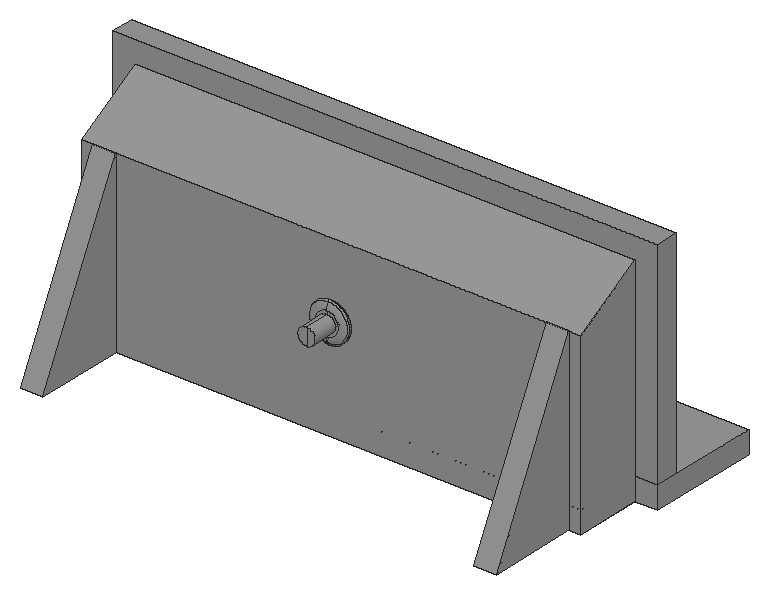
Revit family "Multi_Station_Sink-Willougby-CWMES-4820", category Plumbing Fixtures, Revit 2015
Parameters (values of type "4820")
  Width = 4' - 0"
  Waste DIA = 1 1/2"
  Waste Connection = yes
  Vent Connection = no
  URL = "https://www.willoughby-ind.com/wp-content/uploads/2018/01/CWMES.pdf"
  Type Comments = ""
  Revision = "A"
  Model = "CWMES-4820"
  Manufacturer = "Willoughby Industries"
  HW Connection = no
  Fixture Body = Stainless Steel AISI 304-Willoughby(1)
  Description = "Multi-Station Hand Sink, 48\" Wide, 2 Station"
  Default Elevation = 0' - 0"
  Contact = "800-428-4065"
  CW Connection = no
  48" x 20" = yes
Reference planes (in)
  plane 1 "Center (Front/Back)": y = 0
  plane 2: z = 0
  plane 3 "Center (Left/Right)": x = 0
  plane 4 "Left Side": x = -24
  plane 5 "Right Side": x = 24
  plane 6 "Top Of Sink": y = 34
  plane 7 "Top Of Unit": y = 42
  plane 8 "Bottom Of Sink": y = 26
  plane 9 "Mounting Brkt": y = 18
  plane 10: z = 9.125
Forms (in)
  Extrusion 1, solid, material "Stainless Steel AISI 304-Willoughby(1)" <- "Fixture Body"
    sketch origin (0, 0, 0) x (1, 0, 0) y (0, 1, 0)
      loop
        line (-24, 42) -> (-24, 32) -> (-22, 32) -> (-22, 26) -> (22, 26) -> (22, 32) -> (24, 32) -> (24, 42) -> (-24, 42)
    from 0 to 2
  Extrusion 2, solid, material "Stainless Steel AISI 304-Willoughby(1)" <- "Fixture Body"
    sketch origin (0, 0, 0) x (0, 1, 0) y (0, 0, 1)
      loop
        line (34, 0) -> (34, 20.21818) -> (26, 15.75) -> (26, 0) -> (34, 0)
    from -22 to 22
  Sweep 3, solid, material "Stainless Steel AISI 304-Willoughby(1)" <- "Fixture Body"
    path origin (0, 0, 0) x (1, 0, 0) y (0, 0, 1)
      loop
        line (-22, 2) -> (-22, 19) -> (22, 19) -> (22, 2)
    profile origin (-22, 0, 10.5) x (-1, 0, 0) y (0, -1, 0)
      loop
        line (0, -32) -> (0, -34) -> (2, -34) -> (2, -32) -> (0, -32)
  Extrusion 4, void
    sketch origin (0, 0, 0) x (0, 1, 0) y (0, 0, 1)
      loop
        line (34, 2.25) -> (34, 19.97446) -> (26.25, 15.5) -> (26.25, 2.25) -> (34, 2.25)
    from -21.75 to 21.75
  Revolve 5, solid, material "Stainless Steel AISI 304-Willoughby(1)" <- "Fixture Body", detail levels fine
    sketch origin (0, 0, 0) x (0, 1, 0) y (0, 0, 1)
      loop
        line (26.29904, 9.125) -> (26.29904, 10.875) -> (25.88111, 10.875)
        arc (25.88111, 10.875) -> (25.8068, 10.85556) -> (25.75153, 10.80221) r 0.15173
        arc (25.75153, 10.80221) -> (25.6098, 10.48813) -> (25.54904, 10.14895) r 1.40076
        line (25.54904, 10.14895) -> (25.54904, 9.125) -> (26.29904, 9.125)
      axis (25.54904, 9.125) -> (26.29904, 9.125)
    angle from 0 to 360
  Revolve 6, solid, material "Stainless Steel AISI 304-Willoughby(1)" <- "Fixture Body", detail levels fine
    sketch origin (0, 0, 0) x (0, 1, 0) y (0, 0, 1)
      loop
        line (25.54904, 9.125) -> (25.54904, 9.875) -> (23.29904, 9.875) -> (23.29904, 9.125) -> (25.54904, 9.125)
      axis (23.29904, 9.125) -> (25.54904, 9.125)
    angle from 0 to 360
  Extrusion 7, solid, material "Stainless Steel AISI 304-Willoughby(1)" <- "Fixture Body", detail levels medium+fine
    sketch origin (0, 0, 0) x (0, 1, 0) y (0, 0, 1)
      loop
        line (26, 0) -> (26, 15.75) -> (18, 0) -> (26, 0)
    from -21 to -19
  Extrusion 8, solid, material "Stainless Steel AISI 304-Willoughby(1)" <- "Fixture Body", detail levels medium+fine
    sketch origin (0, 0, 0) x (0, 1, 0) y (0, 0, 1)
      loop
        line (26, 0) -> (26, 15.75) -> (18, 0) -> (26, 0)
    from 21 to 19
Cuts and joins
  Extrusion 4 cuts Extrusion 2
  Extrusion 4 cuts Sweep 3
Lines and regions (in)
  symbolic lines
    curve 1: line (-24, 32, 0) -> (-24, 42, 0)
    curve 2: line (-24, 42, 0) -> (24, 42, 0)
    curve 3: line (24, 42, 0) -> (24, 32, 0)
    curve 4: line (-24, 32, 0) -> (-22, 32, 0)
    curve 5: line (-22, 32, 0) -> (22, 32, 0)
    curve 6: line (22, 32, 0) -> (24, 32, 0)
    curve 7: line (22, 32, 0) -> (22, 26, 0)
    curve 8: line (22, 26, 0) -> (-22, 26, 0)
    curve 9: line (-22, 26, 0) -> (-22, 32, 0)
    curve 19: line (-1.75, 26, 0) -> (-1.75, 25.8956, 0)
    curve 20: line (1.75, 26, 0) -> (1.75, 25.8956, 0)
    curve 30: line (24, 0, 0) -> (24, 0, 21)
    curve 31: line (24, 0, 21) -> (-24, 0, 21)
    curve 32: line (-24, 0, 21) -> (-24, 0, 0)
    curve 33: line (-24, 0, 0) -> (24, 0, 0)
    curve 40: line (0, 26, 0) -> (0, 42, 0)
    curve 41: line (0, 42, 0) -> (0, 42, 2)
    curve 42: line (0, 42, 2) -> (0, 26, 2)
    curve 43: line (0, 34, 2) -> (0, 34, 21)
    curve 44: line (0, 34, 21) -> (0, 32, 21)
    curve 45: line (0, 32, 21) -> (0, 32, 0)
    curve 46: line (0, 34, 0) -> (0, 34, 2)
    curve 47: line (0, 34, 20.21818) -> (0, 26, 15.75)
    curve 48: line (0, 26, 15.75) -> (0, 26, 0)
  symbolic lines, detail levels medium+fine
    curve 10: line (-21, 26, 0) -> (-21, 18, 0)
    curve 11: line (-21, 18, 0) -> (-19, 18, 0)
    curve 12: line (-19, 18, 0) -> (-19, 26, 0)
    curve 13: line (21, 26, 0) -> (21, 18, 0)
    curve 14: line (21, 18, 0) -> (19, 18, 0)
    curve 15: line (19, 18, 0) -> (19, 26, 0)
    curve 29: line (-24, 34, 0) -> (24, 34, 0)
    curve 34: line (24, 0, 2) -> (-24, 0, 2)
    curve 35: line (-21.75, 0, 2) -> (-21.75, 0, 19.97446)
    curve 36: line (-21.75, 0, 19.97446) -> (21.75, 0, 19.97446)
    curve 37: line (21.75, 0, 19.97446) -> (21.75, 0, 2)
    curve 49: line (0, 26, 15.75) -> (0, 18, 0)
    curve 50: line (0, 18, 0) -> (0, 26, 0)
  symbolic lines, detail levels fine
    curve 16: line (0.75, 23.29904, 0) -> (0.75, 25.54904, 0)
    curve 17: line (0.75, 23.29904, 0) -> (-0.75, 23.29904, 0)
    curve 18: line (-0.75, 23.29904, 0) -> (-0.75, 25.54904, 0)
    curve 21: arc (1.75, 25.8956, 0) -> (1.73479, 25.80933, 0) -> (1.69099, 25.73346, 0) r 0.25224
    curve 22: arc (1.69099, 25.73346, 0) -> (1.59703, 25.68665, 0) -> (1.49937, 25.64815, 0) r 1.2101
    curve 23: arc (1.49937, 25.64815, 0) -> (1.27107, 25.58065, 0) -> (1.03766, 25.53377, 0) r 2.66813
    curve 24: arc (1.03766, 25.53377, 0) -> (0.89383, 25.53185, 0) -> (0.75, 25.53377, 0) r 5.39805
    curve 25: line (0.75, 25.54904, 0) -> (-0.75, 25.54904, 0)
    curve 26: arc (-1.75, 25.8956, 0) -> (-1.73113, 25.8105, 0) -> (-1.67807, 25.74134, 0) r 0.20137
    curve 27: arc (-1.67807, 25.74134, 0) -> (-1.38605, 25.60652, 0) -> (-1.07056, 25.54395, 0) r 1.36168
    curve 28: arc (-1.07056, 25.54395, 0) -> (-0.90887, 25.53769, 0) -> (-0.74718, 25.54395, 0) r 2.09106
    curve 38: circle (0, 0, 9.125) r 0.75 normal (0, -1, 0)
    curve 39: circle (0, 0, 9.125) r 1.75 normal (0, -1, 0)
Dimensions and locks (in)
  equal spacing: plane 4 "Left Side", plane 3 "Center (Left/Right)", plane 5 "Right Side"
  "Width": plane 4 "Left Side" to plane 5 "Right Side"
  locked: plane 4 "Left Side" to cut or joined group of Extrusion 2, Extrusion 4 at 2
  locked: cut or joined group of Extrusion 2, Extrusion 4 to plane 5 "Right Side" at 2
  locked: plane 4 "Left Side" to Extrusion 7 at 3
  locked: Extrusion 8 to plane 5 "Right Side" at 3
  locked: Extrusion 7 to Extrusion 7 at 2
  locked: Extrusion 8 to Extrusion 8 at 2
  locked: cut or joined group of Extrusion 2, Extrusion 4 to cut or joined group of Extrusion 2, Extrusion 4 at 0.25  (x2)
  aligned and locked: plane 7 "Top Of Unit" to Extrusion 1
  aligned and locked: Extrusion 1 to plane 5 "Right Side"
  aligned and locked: Extrusion 1 to plane 8 "Bottom Of Sink"
  aligned and locked: Extrusion 1 to level
  aligned and locked: plane 4 "Left Side" to Extrusion 1
  aligned and locked: plane 6 "Top Of Sink" to Extrusion 2
  aligned and locked: Extrusion 2 to plane 8 "Bottom Of Sink"
  aligned and locked: Extrusion 2 to level
  aligned and locked: Extrusion 2 to Extrusion 1
  aligned and locked: Revolve 5 sketch curve to Revolve 5 sketch curve  (x2)
  aligned and locked: Revolve 6 sketch curve to Revolve 6 sketch curve  (x2)
  aligned and locked: plane 8 "Bottom Of Sink" to Extrusion 7
  aligned and locked: Extrusion 7 to level
  aligned and locked: plane 8 "Bottom Of Sink" to Extrusion 8
  aligned and locked: curve 1 to Extrusion 1
Automatic sketch dimensions
  Extrusion 1 sketch curve to plane 4 "Left Side" = 0' - 0"
  Extrusion 1 sketch curve to plane 8 "Bottom Of Sink" = 0' - 0"
  Extrusion 1 sketch curve to plane 5 "Right Side" = 0' - 0"
  Extrusion 1 sketch curve to plane 7 "Top Of Unit" = 0' - 0"
  Extrusion 1 sketch curve to Extrusion 1 sketch curve = 0' - 2"
  plane 5 "Right Side" to Extrusion 1 sketch curve = 0' - 2"
  Extrusion 1 sketch curve to plane 6 "Top Of Sink" = 0' - 2"  (x2)
  Extrusion 2 sketch curve to plane 8 "Bottom Of Sink" = 0' - 0"
  Extrusion 2 sketch curve to level = 0' - 0"
  plane 6 "Top Of Sink" to Extrusion 2 sketch curve = 0' - 0"
  level to Extrusion 2 sketch curve = 1' - 3 3/4"
  Extrusion 2 sketch curve to Extrusion 2 sketch curve = 0' - 4.46818"
  Sweep 3 sketch curve to profile plane = 0' - 0"
  Sweep 3 sketch curve to profile plane = 0' - 2"
  Sweep 3 sketch curve to plane 1 "Center (Front/Back)" = 2' - 10"
  Sweep 3 sketch curve to Sweep 3 sketch curve = 0' - 2"
  Sweep 3 sketch curve to plane 4 "Left Side" = 0' - 2"
  level to Sweep 3 sketch curve = 1' - 7"
  plane 5 "Right Side" to Sweep 3 sketch curve = 0' - 2"
  level to Sweep 3 sketch curve = 0' - 2"  (x2)
  Extrusion 4 sketch curve to plane 6 "Top Of Sink" = 0' - 0"
  plane 8 "Bottom Of Sink" to Extrusion 4 sketch curve = 0' - 0 1/4"
  Extrusion 4 sketch curve to Extrusion 4 sketch curve = 1' - 1 1/4"
  Extrusion 4 sketch curve to Extrusion 4 sketch curve = 0' - 4.47446"
  level to Extrusion 4 sketch curve = 0' - 2 1/4"
  Revolve 5 sketch curve to plane 10 = 0' - 0"
  Revolve 5 sketch curve to plane 8 "Bottom Of Sink" = 0' - 0.45096"
  Revolve 5 sketch curve to plane 8 "Bottom Of Sink" = 0' - 0.11889"
  plane 8 "Bottom Of Sink" to Revolve 5 sketch curve = 0' - 0.29904"
  plane 8 "Bottom Of Sink" to Revolve 5 sketch curve = 0' - 0.94776"
  plane 10 to Revolve 5 sketch curve = 0' - 0.9484"
  plane 10 to Revolve 5 sketch curve = 0' - 1.02395"
  Revolve 5 sketch curve to Revolve 5 sketch curve = 0' - 0.57432"
  Revolve 5 sketch curve to Revolve 5 sketch curve = 0' - 0.15173"
  Revolve 5 sketch curve to Revolve 5 sketch curve = 0' - 0"
  Revolve 6 sketch curve to plane 10 = 0' - 0"
  Revolve 6 sketch curve to plane 8 "Bottom Of Sink" = 0' - 2.70096"
  Revolve 6 sketch curve to plane 8 "Bottom Of Sink" = 0' - 0.45096"
  plane 10 to Revolve 6 sketch curve = 0' - 0 3/4"
  Revolve 6 sketch curve to Revolve 6 sketch curve = 0' - 0"
  Extrusion 7 sketch curve to level = 0' - 0"
  Extrusion 7 sketch curve to plane 9 "Mounting Brkt" = 0' - 0"
  Extrusion 7 sketch curve to plane 8 "Bottom Of Sink" = 0' - 0"
  plane 10 to Extrusion 7 sketch curve = 0' - 6 5/8"
  Extrusion 8 sketch curve to level = 0' - 0"
  Extrusion 8 sketch curve to plane 9 "Mounting Brkt" = 0' - 0"
  Extrusion 8 sketch curve to plane 8 "Bottom Of Sink" = 0' - 0"
  plane 10 to Extrusion 8 sketch curve = 0' - 6 5/8"
  curve 9 to plane 8 "Bottom Of Sink" = 0' - 0"
  curve 11 to plane 9 "Mounting Brkt" = 0' - 0"
  plane 9 "Mounting Brkt" to curve 15 = 0' - 0"
  curve 6 to plane 5 "Right Side" = 0' - 0"
  curve 29 to plane 6 "Top Of Sink" = 0' - 0"
  curve 1 to plane 7 "Top Of Unit" = 0' - 0"
  curve 9 to plane 4 "Left Side" = 0' - 2"
  curve 11 to plane 4 "Left Side" = 0' - 3"
  curve 10 to curve 12 = 0' - 2"
  curve 19 to plane 8 "Bottom Of Sink" = 0' - 0.1044"
  curve 19 to plane 3 "Center (Left/Right)" = 0' - 1 3/4"
  curve 26 to curve 26 = 0' - 0.20137"
  curve 27 to plane 3 "Center (Left/Right)" = 0' - 0.96527"
  curve 27 to curve 28 = 0' - 0.0564"
  curve 18 to plane 3 "Center (Left/Right)" = 0' - 0 3/4"
  plane 3 "Center (Left/Right)" to curve 23 = 0' - 0.62947"
  plane 3 "Center (Left/Right)" to curve 17 = 0' - 0 3/4"
  plane 3 "Center (Left/Right)" to curve 24 = 0' - 0.89388"
  plane 3 "Center (Left/Right)" to curve 22 = 0' - 1.10484"
  curve 21 to plane 8 "Bottom Of Sink" = 0' - 0.1044"
  curve 16 to curve 21 = 0' - 0.74776"
  curve 21 to curve 20 = 0' - 0.25224"
  plane 5 "Right Side" to curve 15 = 0' - 5"
  curve 14 to curve 13 = 0' - 2"
  curve 13 to curve 8 = 0' - 1"
  curve 16 to plane 8 "Bottom Of Sink" = 0' - 2.70096"
  curve 16 to plane 8 "Bottom Of Sink" = 0' - 0.45096"
  plane 8 "Bottom Of Sink" to curve 22 = 0' - 0.79213"
  plane 8 "Bottom Of Sink" to curve 27 = 0' - 0.90155"
  curve 27 to curve 28 = 0' - 0.7272"
  curve 22 to curve 23 = 0' - 1.37836"
  curve 23 to curve 24 = 0' - 2.75941"
  curve 5 to plane 6 "Top Of Sink" = 0' - 2"
  curve 26 to curve 26 = 0' - 0.07193"
  curve 28 to curve 27 = 0' - 0"
  curve 18 to curve 28 = 0' - 0.00282"
  curve 24 to curve 23 = 0' - 0.28766"
  curve 21 to curve 23 = 0' - 0.00161"
  curve 22 to curve 23 = 0' - 0"
  curve 38 to curve 39 = 0' - 0"  (x2)
  plane 4 "Left Side" to curve 34 = 0' - 0"
  curve 38 to plane 3 "Center (Left/Right)" = 0' - 0"
  plane 5 "Right Side" to curve 31 = 0' - 0"
  curve 33 to level = 0' - 0"
  curve 38 to plane 10 = 0' - 0"
  curve 35 to plane 4 "Left Side" = 0' - 2 1/4"
  plane 5 "Right Side" to curve 37 = 0' - 2 1/4"
  plane 10 to curve 37 = 0' - 10.84946"
  curve 36 to curve 30 = 0' - 1.02554"
  level to curve 34 = 0' - 2"
  curve 50 to plane 9 "Mounting Brkt" = 0' - 0"
  curve 49 to level = 0' - 0"
  curve 40 to plane 8 "Bottom Of Sink" = 0' - 0"
  curve 46 to plane 6 "Top Of Sink" = 0' - 0"
  curve 47 to plane 6 "Top Of Sink" = 0' - 0"
  curve 41 to plane 7 "Top Of Unit" = 0' - 0"
  curve 44 to plane 6 "Top Of Sink" = 0' - 2"
  level to curve 42 = 0' - 2"
  plane 10 to curve 49 = 0' - 6 5/8"
  curve 47 to curve 45 = 0' - 5 1/4"
  curve 47 to curve 43 = 0' - 0.78182"
  radius of curve 38 = 0' - 0 3/4"
  radius of curve 39 = 0' - 1 3/4"
Connectors (in)
  piping at (0, 23.29904, 9.125), diameter 1.5, driven by "Waste DIA", driven by "Waste Connection"
    settings: on Revolve 6, index 1, connector inside diameter 24", connector length 0' - 0", flow factor 0, pipe flow 0 GPM, pressure drop 0.00 psi, fitting loss kfactor 0, connector angle 0.00°, fixture units 0, engagement length 0' - 0", angle of deflection 0.00°, flow configuration 0, flow direction 2, fitting loss method 0, system type 16, joint type 0, gender type 0, connector reference index -1, connector utility 1, adjustable connector no, is connector primary yes, connector description "Sink Waste"
